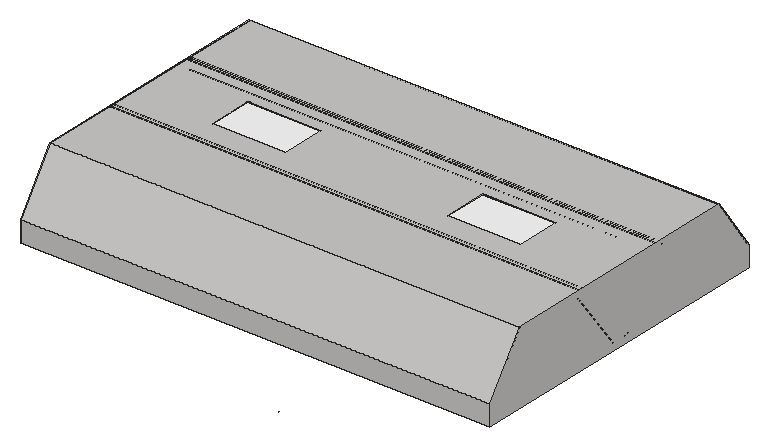
Revit family "QF_ELECTROLUXPROFESSIONAL_642372_BC2232DT", category Specialty Equipment, Revit 2014
Reference planes
  plane 1: z = 0
  plane 2 "Center (Left/Right)": x = 150
  plane 3 "LEFT": x = -1450
  plane 4 "RIGHT": x = 1750
  plane 5 "BACK": y = 550
  plane 6 "TOP": z = 2500
  plane 7 "Base": z = 2000
  plane 8: z = 1946
  plane 9: x = -1447
  plane 10 "DrainX": x = 1599
  plane 11 "AOLeft2": x = -400
  plane 12 "AORight1": x = 700
  plane 13: x = 1747
  plane 14: x = -1250
  plane 15: x = 1550
  plane 16: x = 50
  plane 17: x = 250
  plane 18 "AOLeft1": x = -900
  plane 19 "AORight2": x = 1200
  plane 20: y = -400
  plane 21: y = -700
  plane 22 "Center (Front/Back)": y = -550
  plane 23: y = -1650
  plane 24: through (0, -601.379, 2046.209) normal (0, 0.8019, 0.5974)
  plane 25: through (0, -498.621, 2046.209) normal (0, 0.8019, -0.5974)
  plane 26: z = 2140
Forms (mm)
  Extrusion 1, solid, material "QF_Finishes_Stainless Steel"
    sketch origin (-1450, 0, 360) x (0, 1, 0) y (0, 0, 1)
      loop
        line (550, 1640) -> (550, 1780) -> (299.446, 2140) -> (-1399.446, 2140) -> (-1650, 1780) -> (-1650, 1640) -> (550, 1640)
    from 0 to 3
  Extrusion 2, solid, material "QF_Finishes_Stainless Steel"
    sketch origin (1750, 0, 360) x (0, 1, 0) y (0, 0, 1)
      loop
        line (550, 1640) -> (550, 1780) -> (299.446, 2140) -> (-1399.446, 2140) -> (-1650, 1780) -> (-1650, 1640) -> (550, 1640)
    from 0 to -3
  Extrusion 3, solid, material "QF_Finishes_Stainless Steel"
    sketch origin (150, 0, 360) x (0, 1, 0) y (0, 0, 1)
      loop
        line (-1399.446, 2140) -> (-1650, 1780) -> (-1650, 1640) -> (-1640, 1640) -> (-1640, 1640.8) -> (-1649.2, 1640.8) -> (-1649.2, 1779.739) -> (-1399.025, 2139.19) -> (299.025, 2139.19) -> (549.2, 1779.739) -> (549.2, 1640.8) -> (540, 1640.8) -> (540, 1640) -> (550, 1640) -> (550, 1780) -> (299.446, 2140) -> (-1399.446, 2140)
    from -1600 to 1600
  Extrusion 4, void
    sketch origin (0, 0, 2500) x (0, 1, 0) y (-1, 0, 0)
      loop
        line (-400, 400) -> (-400, 900) -> (-700, 900) -> (-700, 400) -> (-400, 400)
    from 0 to -10
  Extrusion 5, solid, material "QF_Finishes_Stainless Steel"
    sketch origin (0, 0, 0) x (1, 0, 0) y (0, 1, 0)
      loop
        line (-1450, 550) -> (-1450, 549) -> (-1449, 549) -> (-1449, 550) -> (-1450, 550)
    from 0 to 1
  Extrusion 6, solid, material "QF_Finishes_Stainless Steel"
    sketch origin (150, -400, 360) x (0, 1, 0) y (0, 0, 1)
      loop
        line (-498.883, 2085.553) -> (-201.379, 1686.209) -> (-185.34, 1698.157) -> (-482.844, 2097.501) -> (-498.883, 2085.553)
      loop
        line (198.883, 2085.553) -> (182.844, 2097.501) -> (-114.66, 1698.157) -> (-98.621, 1686.209) -> (198.883, 2085.553)
    from -1400 to -1597
  Extrusion 7, solid, material "QF_Finishes_Stainless Steel"
    sketch origin (150, -400, 360) x (0, 1, 0) y (0, 0, 1)
      loop
        arc (-83.944, 1704.554) -> (-84.545, 1704.706) -> (-85.077, 1704.389) r 0.81
        line (-85.077, 1704.389) -> (-99.535, 1684.991) -> (-116.611, 1687.002) -> (-113.609, 1712.615) -> (-114.407, 1712.708) -> (-117.406, 1687.095)
        arc (-117.406, 1687.095) -> (-117.237, 1686.499) -> (-116.695, 1686.197) r 0.81
        line (-116.695, 1686.197) -> (-99.628, 1684.196)
        arc (-99.628, 1684.196) -> (-99.213, 1684.257) -> (-98.884, 1684.517) r 0.81
        line (-98.884, 1684.517) -> (-84.436, 1703.911) -> (-73.692, 1695.919) -> (-99.855, 1660.79) -> (-200.145, 1660.79) -> (-226.308, 1695.919) -> (-215.564, 1703.911) -> (-201.116, 1684.517)
        arc (-201.116, 1684.517) -> (-200.787, 1684.257) -> (-200.372, 1684.196) r 0.81
        line (-200.372, 1684.196) -> (-183.305, 1686.197)
        arc (-183.305, 1686.197) -> (-182.763, 1686.499) -> (-182.594, 1687.095) r 0.81
        line (-182.594, 1687.095) -> (-185.593, 1712.708) -> (-186.391, 1712.615) -> (-183.389, 1687.002) -> (-200.465, 1684.991) -> (-214.923, 1704.389)
        arc (-214.923, 1704.389) -> (-215.455, 1704.706) -> (-216.056, 1704.554) r 0.81
        line (-216.056, 1704.554) -> (-226.786, 1696.561)
        arc (-226.786, 1696.561) -> (-227.103, 1696.028) -> (-226.951, 1695.427) r 0.81
        line (-226.951, 1695.427) -> (-200.843, 1660.381)
        arc (-200.843, 1660.381) -> (-200.5, 1660.093) -> (-200.063, 1659.99) r 0.972
        line (-200.063, 1659.99) -> (-99.951, 1659.99)
        arc (-99.951, 1659.99) -> (-99.502, 1660.096) -> (-99.149, 1660.393) r 1
        line (-99.149, 1660.393) -> (-73.049, 1695.427)
        arc (-73.049, 1695.427) -> (-72.897, 1696.028) -> (-73.214, 1696.561) r 0.81
        line (-73.214, 1696.561) -> (-83.944, 1704.554)
      loop
        line (-492.735, 2139.19) -> (-492.735, 2129.205) -> (-517.587, 2110.686)
        arc (-517.587, 2110.686) -> (-517.904, 2110.153) -> (-517.752, 2109.552) r 0.81
        line (-517.752, 2109.552) -> (-484.894, 2065.446) -> (-495.625, 2057.438) -> (-495.147, 2056.796) -> (-484.418, 2064.79)
        arc (-484.418, 2064.79) -> (-484.1, 2065.322) -> (-484.252, 2065.923) r 0.81
        line (-484.252, 2065.923) -> (-517.117, 2110.038) -> (-491.935, 2128.798) -> (-491.935, 2138.4) -> (-462.776, 2138.4) -> (-462.776, 2070.563) -> (-461.976, 2069.49) -> (-461.976, 2139.19) -> (-492.735, 2139.19)
      loop
        line (192.735, 2139.19) -> (161.976, 2139.19) -> (161.976, 2069.49) -> (162.776, 2070.563) -> (162.776, 2138.4) -> (191.935, 2138.4) -> (191.935, 2128.798) -> (217.117, 2110.038) -> (184.252, 2065.923)
        arc (184.252, 2065.923) -> (184.1, 2065.322) -> (184.418, 2064.79) r 0.81
        line (184.418, 2064.79) -> (195.147, 2056.796) -> (195.625, 2057.438) -> (184.894, 2065.446) -> (217.752, 2109.552)
        arc (217.752, 2109.552) -> (217.904, 2110.153) -> (217.587, 2110.686) r 0.81
        line (217.587, 2110.686) -> (192.735, 2129.205) -> (192.735, 2139.19)
    from -1597 to 1597
  Extrusion 8, solid, material "QF_Finishes_Stainless Steel"
    sketch origin (150, -400, 360) x (0, 1, 0) y (0, 0, 1)
      loop
        line (-498.883, 2085.553) -> (-201.379, 1686.209) -> (-185.34, 1698.157) -> (-482.844, 2097.501) -> (-498.883, 2085.553)
      loop
        line (198.883, 2085.553) -> (182.844, 2097.501) -> (-114.66, 1698.157) -> (-98.621, 1686.209) -> (198.883, 2085.553)
    from 1597 to 1400
  Extrusion 9, solid, material "QF_Finishes_Stainless Steel"
    sketch origin (150, -400, 360) x (0, 1, 0) y (0, 0, 1)
      loop
        line (-498.883, 2085.553) -> (-201.379, 1686.209) -> (-185.34, 1698.157) -> (-482.844, 2097.501) -> (-498.883, 2085.553)
      loop
        line (198.883, 2085.553) -> (182.844, 2097.501) -> (-114.66, 1698.157) -> (-98.621, 1686.209) -> (198.883, 2085.553)
    from -100 to 100
  Extrusion 10, solid, material "QF_Finished_Chrome"
    sketch origin (150, -400, 360) x (0, 1, 0) y (0, 0, 1)
      loop
        line (-498.883, 2085.553) -> (-201.379, 1686.209) -> (-185.34, 1698.157) -> (-482.844, 2097.501) -> (-498.883, 2085.553)
      loop
        line (198.883, 2085.553) -> (182.844, 2097.501) -> (-114.66, 1698.157) -> (-98.621, 1686.209) -> (198.883, 2085.553)
    from -1400 to -100
  Extrusion 11, solid, material "QF_Finished_Chrome"
    sketch origin (150, -400, 360) x (0, 1, 0) y (0, 0, 1)
      loop
        line (-498.883, 2085.553) -> (-201.379, 1686.209) -> (-185.34, 1698.157) -> (-482.844, 2097.501) -> (-498.883, 2085.553)
      loop
        line (198.883, 2085.553) -> (182.844, 2097.501) -> (-114.66, 1698.157) -> (-98.621, 1686.209) -> (198.883, 2085.553)
    from 100 to 1400
  Sweep 12, solid, material "QF_Finishes_Stainless Steel"
    path origin (0, 0, 0) x (1, 0, 0) y (0, 1, 0)
      loop
        line (1750, 550) -> (-1450, 550) -> (-1450, -1650) -> (1750, -1650) -> (1750, 550)
    profile origin (1750, -550, 0) x (1, 0, 0) y (0, 0, 1)
      loop
        line (-3, 2000) -> (-3, 2000.8) -> (-19, 2000.8) -> (-19, 2010) -> (-20, 2010) -> (-20, 2000) -> (-3, 2000)
  Extrusion 13, void
    sketch origin (0, 0, 2500) x (0, 1, 0) y (-1, 0, 0)
      loop
        line (-400, -1200) -> (-400, -700) -> (-700, -700) -> (-700, -1200) -> (-400, -1200)
    from 0 to -10
  Extrusion 14, solid, material "QF_Finishes_Stainless Steel"
    sketch origin (1599, 0, 0) x (0, 1, 0) y (0, 0, 1)
      loop
        arc (-518.5, 1946) -> (-511.429, 1948.929) -> (-508.5, 1956) r 10
        line (-508.5, 1956) -> (-508.5, 2000.8) -> (-591.5, 2000.8) -> (-591.5, 1956)
        arc (-591.5, 1956) -> (-588.571, 1948.929) -> (-581.5, 1946) r 10
        line (-581.5, 1946) -> (-518.5, 1946)
    from -90 to 90
  Extrusion 15, solid, material "QF_Finishes_Stainless Steel"
    sketch origin (0, -1100, 2000) x (0, 1, 0) y (-1, 0, 0)
      loop
        circle (550, -1599) r 6.35
    from -3.799 to 0
Cuts and joins
  Extrusion 4, Extrusion 13 cuts Extrusion 3
  joined: Extrusion 2, Extrusion 3, Sweep 12
Lines and regions (mm)
  symbolic lines, style "SpecialityEquipment", detail levels coarse
    curve 1: line (1750, 550, 2500) -> (-1450, 550, 2500)
    curve 2: line (-1450, 550, 2500) -> (-1450, -1650, 2500)
    curve 3: line (1750, -1650, 2500) -> (1750, 550, 2500)
    curve 4: line (-1450, 299.446, 0) -> (1750, -1399.446, 0)
    curve 5: line (1750, 299.446, 0) -> (-1450.605, -1399.446, 0)
  symbolic lines, detail levels coarse
    curve 6: line (-900, -700, 0) -> (-400, -700, 0)
    curve 7: line (-900, -400, 0) -> (-900, -700, 0)
    curve 8: line (-400, -400, 0) -> (-900, -400, 0)
    curve 9: line (-400, -700, 0) -> (-400, -400, 0)
    curve 10: line (700, -400, 0) -> (700, -700, 0)
    curve 11: line (1200, -400, 0) -> (700, -400, 0)
    curve 12: line (1200, -700, 0) -> (1200, -400, 0)
    curve 13: line (700, -700, 0) -> (1200, -700, 0)
    curve 14: line (-1450.605, -1399.446, 0) -> (1750, -1399.446, 0)
    curve 15: line (1750, 299.446, 0) -> (-1450, 299.446, 0)
    curve 16: line (-1450, -1650, 0) -> (1750, -1650, 0)
Dimensions and locks
  plane 3 "LEFT" to plane 4 "RIGHT" = 3200 mm
  equal spacing: plane 3 "LEFT", plane 2 "Center (Left/Right)", plane 4 "RIGHT"
  plane 3 "LEFT" to plane 9 = 3 mm
  plane 10 "DrainX" to plane 4 "RIGHT" = 151 mm
  plane 13 to plane 4 "RIGHT" = 3 mm
  plane 3 "LEFT" to plane 14 = 200 mm
  plane 15 to plane 4 "RIGHT" = 200 mm
  locked: plane 11 "AOLeft2" to plane 12 "AORight1" at 1100
  equal spacing: plane 11 "AOLeft2", plane 2 "Center (Left/Right)", plane 12 "AORight1"
  locked: plane 7 "Base" to level at 2000
  locked: plane 16 to plane 17 at 200
  equal spacing: plane 16, plane 2 "Center (Left/Right)", plane 17
  plane 18 "AOLeft1" to plane 11 "AOLeft2" = 500 mm
  plane 12 "AORight1" to plane 19 "AORight2" = 500 mm
  plane 7 "Base" to plane 8 = 54 mm
  locked: plane 6 "TOP" to plane 7 "Base" at 500
  plane 5 "BACK" to plane 23 = 2200 mm  (x2)
  equal spacing: plane 5 "BACK", plane 22 "Center (Front/Back)", plane 23
  plane 21 to plane 20 = 300 mm
  equal spacing: plane 21, plane 22 "Center (Front/Back)", plane 20
  plane 26 to plane 7 "Base" = 140 mm
  aligned and locked: level to plane 1
  aligned and locked: plane 4 "RIGHT" to Extrusion 3
  aligned and locked: Extrusion 3 to plane 3 "LEFT"
  aligned and locked: Extrusion 6 to plane 9
  aligned and locked: plane 14 to Extrusion 6
  aligned and locked: Extrusion 2 to plane 13
  aligned and locked: plane 13 to Extrusion 8
  aligned and locked: Extrusion 8 to plane 15
  aligned and locked: plane 17 to Extrusion 9
  aligned and locked: Extrusion 9 to plane 16
  aligned and locked: plane 16 to Extrusion 10
  aligned and locked: Extrusion 10 to plane 14
  aligned and locked: Extrusion 11 to plane 17
  aligned and locked: Extrusion 11 to plane 15
  aligned and locked: Extrusion 7 to plane 9
  aligned and locked: plane 13 to Extrusion 7
  aligned and locked: Extrusion 4 to plane 18 "AOLeft1"
  aligned and locked: Extrusion 4 to plane 11 "AOLeft2"
  aligned and locked: plane 12 "AORight1" to Extrusion 13
  aligned and locked: plane 19 "AORight2" to Extrusion 13
  aligned and locked: plane 21 to Extrusion 13
  aligned and locked: plane 21 to Extrusion 4
  aligned and locked: plane 20 to Extrusion 13
  aligned and locked: plane 20 to Extrusion 4
  aligned and locked: curve 6 to Extrusion 4
  aligned and locked: curve 7 to Extrusion 4
  aligned and locked: curve 8 to Extrusion 4
  aligned and locked: curve 9 to Extrusion 4
  aligned and locked: curve 10 to Extrusion 13
  aligned and locked: curve 11 to Extrusion 13
  aligned and locked: curve 12 to Extrusion 13
  aligned and locked: curve 13 to Extrusion 13
Automatic sketch dimensions
  Extrusion 4 sketch curve to plane 11 "AOLeft2" = 0 mm
  Extrusion 4 sketch curve to plane 18 "AOLeft1" = 0 mm
  Extrusion 5 sketch curve to plane 3 "LEFT" = 0 mm
  Extrusion 5 sketch curve to plane 5 "BACK" = 0 mm
  plane 3 "LEFT" to Extrusion 5 sketch curve = 1 mm
  Extrusion 5 sketch curve to Extrusion 5 sketch curve = 1 mm
  Sweep 12 sketch curve to plane 3 "LEFT" = 0 mm
  Sweep 12 sketch curve to plane 4 "RIGHT" = 0 mm
  Sweep 12 sketch curve to plane 5 "BACK" = 0 mm
  profile plane to Sweep 12 sketch curve = 20 mm
  Sweep 12 sketch curve to Sweep 12 sketch curve = 1 mm
  profile plane to Sweep 12 sketch curve = 3 mm
  level to Sweep 12 sketch curve = 2000 mm
  Sweep 12 sketch curve to Sweep 12 sketch curve = 0.8 mm
  Sweep 12 sketch curve to Sweep 12 sketch curve = 9.2 mm
  Extrusion 13 sketch curve to plane 11 "AOLeft2" = 1600 mm
  plane 18 "AOLeft1" to Extrusion 13 sketch curve = 1600 mm
  Extrusion 13 sketch curve to Extrusion 13 sketch curve = 300 mm
  Extrusion 13 sketch curve to plane 20 = 0 mm
  plane 21 to Extrusion 2 sketch curve = 699.446 mm
  plane 21 to Sweep 12 sketch curve = 950 mm
  plane 21 to Extrusion 4 sketch curve = 0 mm
  Extrusion 4 sketch curve to plane 20 = 0 mm
  Extrusion 15 sketch curve to plane 10 "DrainX" = 0 mm
  Extrusion 15 sketch curve to plane 22 "Center (Front/Back)" = 0 mm
  Extrusion 14 sketch curve to plane 8 = 0 mm
  plane 8 to Extrusion 14 sketch curve = 10 mm
  Extrusion 14 sketch curve to plane 22 "Center (Front/Back)" = 41.5 mm
  plane 22 "Center (Front/Back)" to Extrusion 14 sketch curve = 31.5 mm
  plane 7 "Base" to Extrusion 14 sketch curve = 0.8 mm
  plane 22 "Center (Front/Back)" to Extrusion 14 sketch curve = 41.5 mm
  plane 21 to Extrusion 6 sketch curve = 198.883 mm
  Extrusion 6 sketch curve to plane 6 "TOP" = 42.499 mm  (x2)
  Extrusion 6 sketch curve to Extrusion 6 sketch curve = 16.039 mm  (x2)
  Extrusion 6 sketch curve to plane 22 "Center (Front/Back)" = 51.379 mm
  plane 22 "Center (Front/Back)" to Extrusion 6 sketch curve = 35.34 mm
  plane 20 to Extrusion 6 sketch curve = 182.844 mm
  Extrusion 6 sketch curve to Extrusion 6 sketch curve = 11.948 mm  (x2)
  Extrusion 7 sketch curve to plane 6 "TOP" = 30.448 mm  (x2)
  plane 21 to Extrusion 7 sketch curve = 217.752 mm
  Extrusion 7 sketch curve to plane 6 "TOP" = 29.314 mm  (x2)
  Extrusion 7 sketch curve to Extrusion 7 sketch curve = 0.166 mm  (x3)
  Extrusion 7 sketch curve to plane 6 "TOP" = 29.962 mm  (x2)
  Extrusion 7 sketch curve to Extrusion 7 sketch curve = 0.47 mm  (x2)
  Extrusion 7 sketch curve to Extrusion 7 sketch curve = 0.014 mm  (x2)
  Extrusion 7 sketch curve to plane 6 "TOP" = 82.562 mm  (x2)
  Extrusion 7 sketch curve to Extrusion 7 sketch curve = 22.127 mm
  Extrusion 7 sketch curve to plane 6 "TOP" = 83.204 mm  (x2)
  Extrusion 7 sketch curve to Extrusion 7 sketch curve = 0.478 mm  (x5)
  Extrusion 7 sketch curve to plane 6 "TOP" = 0.81 mm  (x2)
  Extrusion 7 sketch curve to Extrusion 7 sketch curve = 24.852 mm
  Extrusion 7 sketch curve to Extrusion 7 sketch curve = 0.8 mm  (x5)
  Extrusion 7 sketch curve to Extrusion 7 sketch curve = 10.724 mm
  Extrusion 7 sketch curve to plane 6 "TOP" = 74.554 mm  (x2)
  Extrusion 7 sketch curve to Extrusion 7 sketch curve = 0.008 mm  (x6)
  Extrusion 7 sketch curve to plane 6 "TOP" = 75.21 mm  (x2)
  Extrusion 7 sketch curve to plane 6 "TOP" = 74.077 mm  (x2)
  Extrusion 7 sketch curve to Extrusion 7 sketch curve = 0.642 mm  (x2)
  Extrusion 7 sketch curve to plane 6 "TOP" = 69.437 mm  (x2)
  Extrusion 7 sketch curve to Extrusion 7 sketch curve = 21.476 mm  (x2)
  Extrusion 7 sketch curve to plane 21 = 73.049 mm
  Extrusion 7 sketch curve to Extrusion 7 sketch curve = 0.006 mm  (x4)
  Extrusion 7 sketch curve to Extrusion 7 sketch curve = 10.73 mm  (x3)
  Extrusion 7 sketch curve to Extrusion 7 sketch curve = 0.484 mm  (x4)
  Extrusion 7 sketch curve to Extrusion 7 sketch curve = 0.641 mm  (x2)
  Extrusion 7 sketch curve to Extrusion 7 sketch curve = 14.448 mm
  plane 7 "Base" to Extrusion 7 sketch curve = 20.381 mm
  Extrusion 7 sketch curve to Extrusion 7 sketch curve = 0.273 mm
  Extrusion 7 sketch curve to Extrusion 7 sketch curve = 0.65 mm  (x2)
  Extrusion 7 sketch curve to Extrusion 7 sketch curve = 0.001 mm  (x4)
  Extrusion 7 sketch curve to Extrusion 7 sketch curve = 0.093 mm  (x2)
  plane 7 "Base" to Extrusion 7 sketch curve = 20.79 mm
  Extrusion 7 sketch curve to Extrusion 7 sketch curve = 0.698 mm
  Extrusion 7 sketch curve to Extrusion 7 sketch curve = 0.081 mm
  Extrusion 7 sketch curve to Extrusion 7 sketch curve = 28.531 mm
  Extrusion 7 sketch curve to Extrusion 7 sketch curve = 0.799 mm  (x2)
  Extrusion 7 sketch curve to Extrusion 7 sketch curve = 17.067 mm  (x2)
  Extrusion 7 sketch curve to Extrusion 7 sketch curve = 0.01 mm  (x4)
  Extrusion 7 sketch curve to Extrusion 7 sketch curve = 0.094 mm
  Extrusion 7 sketch curve to Extrusion 7 sketch curve = 0.795 mm  (x2)
  plane 22 "Center (Front/Back)" to Extrusion 7 sketch curve = 32.594 mm
  Extrusion 7 sketch curve to Extrusion 7 sketch curve = 0.71 mm
  Extrusion 7 sketch curve to Extrusion 7 sketch curve = 2.998 mm
  Extrusion 7 sketch curve to Extrusion 7 sketch curve = 16.745 mm
  Extrusion 7 sketch curve to Extrusion 7 sketch curve = 0.095 mm
  plane 7 "Base" to Extrusion 7 sketch curve = 20.393 mm
  Extrusion 7 sketch curve to Extrusion 7 sketch curve = 0.707 mm
  Extrusion 7 sketch curve to Extrusion 7 sketch curve = 0.651 mm
  Extrusion 7 sketch curve to Extrusion 7 sketch curve = 14.456 mm
  Extrusion 7 sketch curve to plane 6 "TOP" = 70.51 mm  (x2)
  plane 20 to Extrusion 7 sketch curve = 161.976 mm
  Extrusion 7 sketch curve to plane 6 "TOP" = 1.6 mm
  Extrusion 7 sketch curve to Extrusion 7 sketch curve = 29.159 mm
  Extrusion 7 sketch curve to Extrusion 7 sketch curve = 24.368 mm
  Extrusion 7 sketch curve to Extrusion 7 sketch curve = 0.636 mm
  Extrusion 7 sketch curve to Extrusion 7 sketch curve = 23.206 mm
  Extrusion 7 sketch curve to Extrusion 7 sketch curve = 23.234 mm
  Extrusion 7 sketch curve to Extrusion 7 sketch curve = 0.321 mm  (x2)
  Extrusion 7 sketch curve to Extrusion 7 sketch curve = 2.001 mm  (x2)
  Extrusion 7 sketch curve to Extrusion 7 sketch curve = 0.804 mm  (x2)
  Extrusion 7 sketch curve to Extrusion 7 sketch curve = 10.911 mm  (x2)
  Extrusion 7 sketch curve to Extrusion 7 sketch curve = 7.993 mm  (x2)
  Extrusion 7 sketch curve to Extrusion 7 sketch curve = 25.613 mm  (x2)
  Extrusion 7 sketch curve to Extrusion 7 sketch curve = 0.407 mm  (x2)
  Extrusion 7 sketch curve to Extrusion 7 sketch curve = 0.79 mm
  Extrusion 3 sketch curve to plane 7 "Base" = 0 mm  (x2)
  Extrusion 3 sketch curve to plane 23 = 0 mm
  Extrusion 3 sketch curve to plane 5 "BACK" = 0 mm
  plane 23 to Extrusion 3 sketch curve = 0.8 mm
  plane 7 "Base" to Extrusion 3 sketch curve = 0.8 mm  (x2)
  Extrusion 3 sketch curve to Extrusion 3 sketch curve = 9.2 mm
  plane 23 to Extrusion 3 sketch curve = 250.554 mm
  Extrusion 3 sketch curve to Extrusion 3 sketch curve = 0.421 mm  (x2)
  Extrusion 3 sketch curve to plane 6 "TOP" = 0.81 mm
  Extrusion 3 sketch curve to plane 5 "BACK" = 250.975 mm
  Extrusion 3 sketch curve to plane 5 "BACK" = 10 mm
  Extrusion 3 sketch curve to plane 5 "BACK" = 0.8 mm
  Extrusion 3 sketch curve to Extrusion 3 sketch curve = 138.939 mm  (x2)
  Extrusion 3 sketch curve to Extrusion 3 sketch curve = 0.261 mm  (x2)
  Extrusion 3 sketch curve to plane 6 "TOP" = 0 mm
  Extrusion 1 sketch curve to plane 7 "Base" = 0 mm
  Extrusion 1 sketch curve to plane 23 = 0 mm
  Extrusion 1 sketch curve to plane 6 "TOP" = 0 mm
  Extrusion 1 sketch curve to plane 5 "BACK" = 0 mm
  Extrusion 1 sketch curve to plane 5 "BACK" = 250.554 mm
  plane 7 "Base" to Extrusion 1 sketch curve = 140 mm
  Extrusion 1 sketch curve to Extrusion 1 sketch curve = 140 mm
  plane 23 to Extrusion 1 sketch curve = 250.554 mm
  Extrusion 2 sketch curve to plane 5 "BACK" = 250.554 mm
  plane 7 "Base" to Extrusion 2 sketch curve = 140 mm  (x2)
  Extrusion 2 sketch curve to plane 7 "Base" = 0 mm
  plane 23 to Extrusion 2 sketch curve = 0 mm
  Extrusion 2 sketch curve to plane 6 "TOP" = 0 mm
  Extrusion 2 sketch curve to plane 5 "BACK" = 0 mm
  plane 21 to Extrusion 10 sketch curve = 198.883 mm
  Extrusion 10 sketch curve to plane 6 "TOP" = 42.499 mm  (x2)
  Extrusion 10 sketch curve to Extrusion 10 sketch curve = 16.039 mm  (x2)
  Extrusion 10 sketch curve to plane 22 "Center (Front/Back)" = 51.379 mm
  plane 22 "Center (Front/Back)" to Extrusion 10 sketch curve = 35.34 mm
  plane 20 to Extrusion 10 sketch curve = 182.844 mm
  Extrusion 10 sketch curve to Extrusion 10 sketch curve = 11.948 mm  (x2)
  plane 21 to Extrusion 9 sketch curve = 198.883 mm
  Extrusion 9 sketch curve to plane 6 "TOP" = 42.499 mm  (x2)
  Extrusion 9 sketch curve to Extrusion 9 sketch curve = 16.039 mm  (x2)
  Extrusion 9 sketch curve to plane 22 "Center (Front/Back)" = 51.379 mm
  plane 22 "Center (Front/Back)" to Extrusion 9 sketch curve = 35.34 mm
  plane 20 to Extrusion 9 sketch curve = 182.844 mm
  Extrusion 9 sketch curve to Extrusion 9 sketch curve = 11.948 mm  (x2)
  plane 21 to Extrusion 11 sketch curve = 198.883 mm
  Extrusion 11 sketch curve to plane 6 "TOP" = 42.499 mm  (x2)
  Extrusion 11 sketch curve to Extrusion 11 sketch curve = 16.039 mm  (x2)
  Extrusion 11 sketch curve to plane 22 "Center (Front/Back)" = 51.379 mm
  plane 22 "Center (Front/Back)" to Extrusion 11 sketch curve = 35.34 mm
  plane 20 to Extrusion 11 sketch curve = 182.844 mm
  Extrusion 11 sketch curve to Extrusion 11 sketch curve = 11.948 mm  (x2)
  plane 21 to Extrusion 8 sketch curve = 198.883 mm
  Extrusion 8 sketch curve to plane 6 "TOP" = 42.499 mm  (x2)
  Extrusion 8 sketch curve to Extrusion 8 sketch curve = 16.039 mm  (x2)
  Extrusion 8 sketch curve to plane 22 "Center (Front/Back)" = 51.379 mm
  plane 22 "Center (Front/Back)" to Extrusion 8 sketch curve = 35.34 mm
  plane 20 to Extrusion 8 sketch curve = 182.844 mm
  Extrusion 8 sketch curve to Extrusion 8 sketch curve = 11.948 mm  (x2)
  curve 2 to plane 3 "LEFT" = 0 mm
  curve 2 to plane 23 = 0 mm
  curve 3 to plane 4 "RIGHT" = 0 mm
  curve 3 to plane 23 = 0 mm
  curve 2 to plane 5 "BACK" = 0 mm
  curve 15 to plane 3 "LEFT" = 0 mm
  curve 16 to plane 3 "LEFT" = 0 mm
  curve 14 to plane 4 "RIGHT" = 0 mm
  curve 15 to plane 4 "RIGHT" = 0 mm
  curve 16 to plane 4 "RIGHT" = 0 mm
  curve 16 to plane 23 = 0 mm
  curve 14 to plane 3 "LEFT" = 0.605 mm
  plane 23 to curve 4 = 250.554 mm
  curve 15 to plane 5 "BACK" = 250.554 mm
  radius of Extrusion 15 sketch curve = 6.35 mm
Connectors
  hvac at (-650, -550, 2500)
    settings: on Extrusion 4, index 2, duct flow 0.0 L/s, flow factor 0, pres drop 0.0 Pa, loss coef 0, conn angle 0.00°, conn width 300 mm, conn height 500 mm, conn diameter 609.6 mm, duct sys type 3, conn prof type 1, flow config 1, flow direction 2, loss method 0, conn ref index -1, conn util no, is conn primary yes, conn desc "EXHAUST OUTLET"
  hvac at (950, -550, 2500)
    settings: on Extrusion 13, index 3, duct flow 0.0 L/s, flow factor 0, pres drop 0.0 Pa, loss coef 0, conn angle 0.00°, conn width 300 mm, conn height 500 mm, conn diameter 609.6 mm, duct sys type 3, conn prof type 1, flow config 1, flow direction 2, loss method 0, conn ref index -1, conn util no, is conn primary no, conn desc "EXHAUST OUTLET"
  piping at (1599, -550, 1996.201), diameter 12.7
    settings: on Extrusion 15, index 4, connector inside diameter 609.6 mm, connector length 0 mm, flow factor 0, pipe flow 0.0 L/s, pressure drop 0.0 Pa, fitting loss kfactor 0, connector angle 0.00°, fixture units 0, engagement length 0 mm, angle of deflection 0.00°, flow configuration 1, flow direction 2, fitting loss method 0, system type 16, joint type 0, gender type 0, connector reference index -1, connector utility 0, adjustable connector no, is connector primary yes, connector description "Drain"
